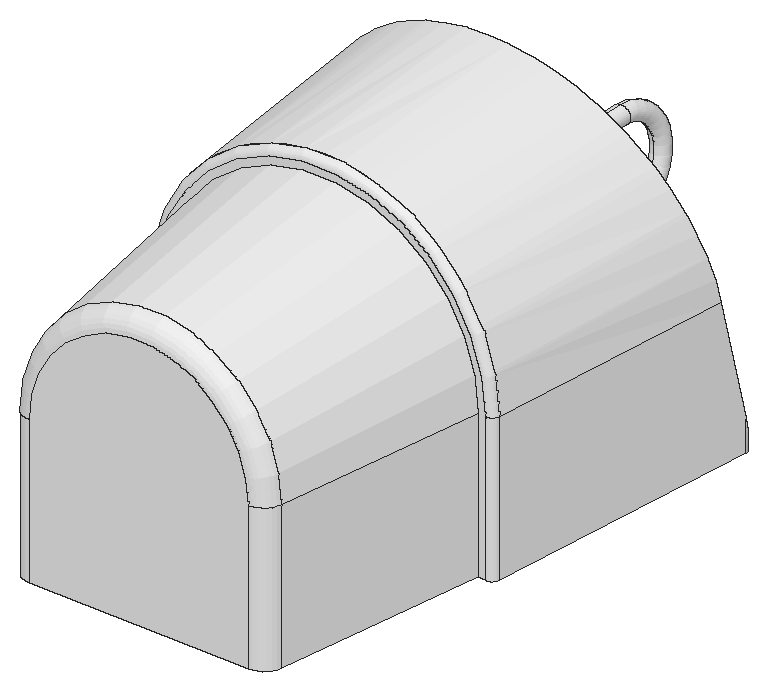
Revit family "Scrub_Sink-Infection_Control-American_Standard-ICS-IC-Everclean-9118_Series", category Plumbing Fixtures, host Face, Revit 2019
Family settings
  Host = Face
  Round Connector Dimension = Use Diameter
  Part Type = Normal
  OmniClass Number = 23.45.05.14.14.21
  OmniClass Title = Surgeons Scrub-Up Sinks
  Cut with Voids When Loaded = No
  Shared = Yes
  Room Calculation Point = No
Parameters (values of type "9118AC.020")
  Width = 17"
  Waste Connection Height = 18"
  Waste Connection Diameter = 1 1/4"
  Waste Connection = yes
  WFU = 4  # constant formula
  Vent Connection = no
  URL = "https://www.americanstandard.ca/"
  Selectronic ICU Faucet DC Powered = no
  Selectronic ICU Faucet AC Powered = yes
  Revised Date = "11/16/2022"  # constant formula
  Product Page URL = "https://www.americanstandard.ca/Commercial-Wall-Hung-Sinks/ICU-Sink-System-with-AC-Powered-Hands-Free-Faucet/WHITE-9118AC020"
  Product Documentation Link = "https://americanstandard.box.com/shared/static/skvpz4jq1s9sa1z6c3b8khfmfidtjq1h.pdf"
  P-Trap = yes
  Model = "9118AC.020"
  Material = "Vitreous China-American Standard-020-White"
  Manufacturer = "American Standard"
  Length = 20"
  Installation Type = "Wall Mounted"
  Hot Water Connection Width = 4"
  Hot Water Connection Diameter = 3/8"
  Height = 26 1/8"
  HWFU = 3  # constant formula
  HW Connection = no
  Flow Rate = "1.5 gpm/5.7 L/min"  # constant formula
  Finish = Vitreous China-American Standard-020-White
  Faucet Visibility = if(or(Selectronic ICU Faucet AC Powered, Selectronic ICU Faucet DC Powered), 1 > 0, 1 < 0)  # yes
  Drain = yes
  Description = "ICU Sink System with AC Powered Hands-Free Faucet"
  Default Elevation = 34"
  Creation Date = "01/20/2017"  # constant formula
  Compliance Certifications = "Meets or Exceeds ASME A112.19.2-2008 / CSA B45.1-08 for Vitreous China Fixtures\r\n• CSA Z8000"
  Cold Water Connection Width = 4"
  Cold Water Connection Height = 20"
  Cold Water Connection Diameter = 3/8"
  CWFU = 3  # constant formula
  CW Connection = no
  CR-P2 lithium battery = no
  Assembly Code = "D2010440"
  AC power supply (M950169-0070A) = yes
  7381267-400.0070A Mounting Kit = no
  7381266-200.0070A ICU Sink Bracket Assembly = no
Types (5): name | Selectronic ICU Faucet DC Powered | Selectronic ICU Faucet AC Powered | Product Page URL | P-Trap | Model | Faucet Visibility | Drain | Description | CR-P2 lithium battery | AC power supply (M950169-0070A)
  (no name) | no | yes | "https://www.americanstandard.ca/Commercial-Wall-Hung-Sinks/ICU-Sink-System-with-AC-Powered-Hands-Free-Faucet/WHITE-9118AC020" | yes | "9118AC.020" | yes | yes | "ICU Sink System with AC Powered Hands-Free Faucet" | no | yes
  9118111.020 | no | no | "https://www.americanstandard.ca/Commercial-Wall-Hung-Sinks/Infection-Control-Wall-Hung-EverClean-Sink-with-Shroud-A-M-Drain-and-A-M-P-Trap/WHITE-9118111020" | yes | "9118111.020" | no | yes | "Infection Control Wall-Hung EverClean Sink with Shroud, A-M Drain and A-M P-Trap" | no | no
  9118911.020 | no | no | "https://www.americanstandard.ca/Commercial-Service-Sink/ICU-Sink-and-Shroud-Less-Drain-and-P-Trap/WHITE-9118911020" | no | "9118911.020" | no | no | "ICU Sink and Shroud Less Drain and P-Trap" | no | no
  9118DC.020 | yes | no | "https://www.americanstandard.ca/Commercial-Wall-Hung-Sinks/ICU-Sink-System-with-DC-Powered-Hands-Free-Faucet/WHITE-9118DC020" | yes | "9118DC.020" | yes | yes | "ICU Sink System with DC Powered Hands-Free Faucet" | yes | no
  9118AC.020 | no | yes | "https://www.americanstandard.ca/Commercial-Wall-Hung-Sinks/ICU-Sink-System-with-AC-Powered-Hands-Free-Faucet/WHITE-9118AC020" | yes | "9118AC.020" | yes | yes | "ICU Sink System with AC Powered Hands-Free Faucet" | no | yes
Reference planes (in)
  plane 1 "Center (Front/Back)": y = 0
  plane 2: z = 0
  plane 3 "Center (Left/Right)": x = 0
  plane 4: y = -37.54191
  plane 5: y = 2.58309
  plane 6: y = -1.54191
  plane 7: x = -10
  plane 8: x = 10
  plane 9: z = 4.75
  plane 10: z = 7.82154
  plane 11: z = 5.375
  plane 12: z = 17
  plane 13: y = -12.16691
  plane 14: y = -23.54191
  plane 15: x = 4.75
  plane 16: y = -17.54191
  plane 17: y = -19.54191
  plane 18: x = -4
  plane 19: x = 4
  plane 20: y = -12.16691
Forms (in)
  Extrusion 1, void
    sketch origin (0, -11.84425, 0) x (0, 0, -1) y (0, 1, 0)
      loop
        line (-17.74283, 10.12209) -> (0, 14.42733) -> (-17.74283, 14.42733) -> (-17.74283, 10.12209)
    from -12.34163 to 12
  Sweep 2, solid, material "Vitreous China-American Standard-020-White"
    path origin (0, -11.84425, 0) x (1, 0, 0) y (0, 0, -1)
      loop
        line (-10, 0) -> (-10, -7.37605)
        arc (-10, -7.37605) -> (0, -17.37605) -> (10, -7.37605) r 10
        line (10, -7.37605) -> (10, 0)
    profile origin (-10, -11.84425, 3.68803) x (1, 0, 0) y (0, 1, 0)
      loop
        line (0.00545, 14.0424) -> (1.2299, 0.04687)
        arc (1.2299, 0.04687) -> (1.35968, -0.21631) -> (1.63318, -0.32267) r 0.40482
        line (1.63318, -0.32267) -> (2.02037, -0.32267) -> (3.49804, -10.83684)
        arc (3.49804, -10.83684) -> (3.83225, -11.45238) -> (4.48831, -11.69767) r 1
        line (4.48831, -11.69767) -> (6.625, -11.69767) -> (6.625, 5.5) -> (6.28323, 5.5)
        arc (6.28323, 5.5) -> (4.86985, 5.93787) -> (3.95158, 7.0981) r 2.5
        line (3.95158, 7.0981) -> (1.11659, 14.42733) -> (0.35817, 14.42733)
        arc (0.35817, 14.42733) -> (0.09712, 14.31247) -> (0.00545, 14.0424) r 0.35407
  Extrusion 3, void
    sketch origin (0, -11.84425, 0) x (1, 0, 0) y (0, 0, -1)
      loop
        circle (4.75, -5.375) r 1
    from 3.66203 to 12
  Extrusion 4, solid, not visible
    sketch origin (0, 0, 0) x (1, 0, 0) y (0, 1, 0)
      loop
        circle (0, -19.54191) r 0.625
      loop
        circle (-4, -17.54191) r 0.1875
      loop
        circle (4, -17.54191) r 0.1875
    from 0 to 0.01562
  Extrusion 5, solid, material "Vitreous China-American Standard-020-White"
    sketch origin (0, 0, 0) x (1, 0, 0) y (0, 0, 1)
      loop
        line (-3.375, 7.37605) -> (-3.375, 0) -> (3.375, 0) -> (3.375, 7.37605)
        arc (3.375, 7.37605) -> (0, 10.75105) -> (-3.375, 7.37605) r 3.375
    from 6.35784 to 23.54191
  Extrusion 6, solid, material "Vitreous China-American Standard-020-White"
    sketch origin (0, 2.50417, -0.25) x (0, 1, 0) y (0, 0, 1)
      loop
        line (0.07892, 0.25) -> (-11.46634, 16.14069) -> (-11.46634, 0.25) -> (0.07892, 0.25)
    from -8.88341 to 8.88341
  Extrusion 7, solid, material "Vitreous China-American Standard-020-White"
    sketch origin (0, 0.21825, 1.38308) x (1, 0, 0) y (0, 0, -1)
      loop
        line (-1.625, -2.03515) -> (-1.625, -3.36692)
        arc (-1.625, -3.36692) -> (0, -4.99192) -> (1.625, -3.36692) r 1.625
        line (1.625, -3.36692) -> (1.625, -2.03515) -> (-1.625, -2.03515)
      loop
        circle (0, -3.36692) r 0.5
    from 2.36483 to -6.96825
  Extrusion 8, void
    sketch origin (0, 0, -0.1875) x (1, 0, 0) y (0, 0, 1)
      loop
        arc (1.61571, 10.43903) -> (2.58572, 9.73932) -> (2.98298, 8.61119) r 2
        arc (2.98298, 8.61119) -> (2.98389, 7.04804) -> (2.87754, 5.48851) r 22.76503
        arc (2.87754, 5.48851) -> (4.74552, 3.62052) -> (6.61351, 5.48851) r 1.86799
        arc (6.61351, 5.48851) -> (6.59082, 6.3598) -> (6.52282, 7.22873) r 16.74057
        arc (6.52282, 7.22873) -> (2.80376, 11.78828) -> (-2.97938, 10.70378) r 5.76089
        arc (-2.97938, 10.70378) -> (-3.02652, 10.38393) -> (-2.71871, 10.28504) r 0.25
        arc (-2.71871, 10.28504) -> (-0.56538, 10.75278) -> (1.61571, 10.43903) r 6.2093
    from -9.05901 to 6.34425
  Extrusion 9, solid, material "Metal-American Standard-002-Polished Chrome", visible <- "Drain"
    sketch origin (0, 0, 0) x (1, 0, 0) y (0, 0, 1)
      loop
        circle (4.75, 5.375) r 1
      loop
        circle (4.75, 5.375) r 0.06669
      loop
        circle (4.75, 5.58578) r 0.06669
      loop
        circle (4.75, 5.79657) r 0.06669
      loop
        circle (4.75, 6.00735) r 0.06669
      loop
        circle (4.53306, 5.58578) r 0.06669
      loop
        circle (4.31611, 5.58578) r 0.06669
      loop
        circle (4.53306, 5.79138) r 0.06669
      loop
        circle (4.96694, 5.58578) r 0.06669
      loop
        circle (5.18389, 5.58578) r 0.06669
      loop
        circle (4.96694, 5.79138) r 0.06669
      loop
        circle (4.53306, 5.375) r 0.06669
      loop
        circle (4.31611, 5.375) r 0.06669
      loop
        circle (4.09917, 5.375) r 0.06669
      loop
        circle (4.96694, 5.375) r 0.06669
      loop
        circle (5.18389, 5.375) r 0.06669
      loop
        circle (5.40083, 5.375) r 0.06669
      loop
        circle (4.75, 5.16422) r 0.06669
      loop
        circle (4.75, 4.95343) r 0.06669
      loop
        circle (4.75, 4.74265) r 0.06669
      loop
        circle (4.53306, 5.16422) r 0.06669
      loop
        circle (4.31611, 5.16422) r 0.06669
      loop
        circle (4.53306, 4.95862) r 0.06669
      loop
        circle (4.96694, 5.16422) r 0.06669
      loop
        circle (5.18389, 5.16422) r 0.06669
      loop
        circle (4.96694, 4.95862) r 0.06669
    from 6.23351 to 6.54434
  Sweep 10, void
    path origin (0.125, 0, 0) x (1, 0, 0) y (0, 0, 1)
      loop
        line (9.96632, 0) -> (9.96632, 7.03846)
        arc (9.96632, 7.03846) -> (0, 17.00478) -> (-9.96632, 7.03846) r 9.96632
        line (-9.96632, 7.03846) -> (-9.96632, 0)
    profile origin (10.09132, 0, 3.51923) x (-1, 0, 0) y (0, -1, 0)
      loop
        line (0.08651, -2.58309) -> (1.09659, 8.96217) -> (-4.90868, 8.96217) -> (-4.90868, -2.58309) -> (0.08651, -2.58309)
Cuts and joins
  Extrusion 1, Extrusion 3, Extrusion 8 cuts Sweep 2
  Extrusion 3, Sweep 10 cuts Extrusion 5
  Extrusion 3, Extrusion 8, Sweep 10 cuts Extrusion 6
  joined: Sweep 2, Extrusion 5, Extrusion 6
Lines and regions (in)
  Masking region 1
    outline origin (0, 0, 0) x (1, 0, 0) y (0, 0, 1)
      loop
        line (-9.84341, 7.37605) -> (-10, 0) -> (10, 0) -> (9.84341, 7.37605)
        spline (9.84341, 7.37605) -> (9.47315, 9.85011) -> (8.48639, 12.15933) -> (6.93709, 14.15487) -> (4.9151, 15.69982) -> (2.54868, 16.67904) -> (0.00024, 17.01485) -> (-2.54827, 16.67926) -> (-4.91468, 15.70012) -> (-6.93693, 14.15531) -> (-8.48648, 12.15963) -> (-9.47301, 9.85058) -> (-9.84341, 7.37605)
  Masking region 2, visible <- "Faucet Visibility", detail levels medium+fine
    outline origin (0, 0, 0) x (1, 0, 0) y (0, 0, 1)
      loop
        line (0.43756, 4.75) -> (0.43756, 9.75507)
        arc (0.43756, 9.75507) -> (0, 10.19263) -> (-0.43756, 9.75507) r 0.43756
        line (-0.43756, 9.75507) -> (-0.43756, 4.75)
        arc (-0.43756, 4.75) -> (0, 4.31244) -> (0.43756, 4.75) r 0.43756
  symbolic lines, detail levels medium+fine
    curve 1: line (8.19111, 0, 7.37605) -> (-8.19111, 0, 7.37605)
    curve 2: line (-8.19111, 0, 7.37605) -> (-8.88341, 0, 0)
    curve 3: line (8.88341, 0, 0) -> (8.19111, 0, 7.37605)
    curve 4: line (8.88341, 0, 0) -> (6.81051, 0, 7.37605)
    curve 5: line (-5.40756, 0, 10.08782) -> (5.40756, 0, 10.08782)
    curve 6: spline (-5.40756, 0, 10.08782) -> (-5.56936, 0, 9.87922) -> (-5.7234, 0, 9.6668) -> (-5.86953, 0, 9.45076) -> (-6.00761, 0, 9.23128) -> (-6.13753, 0, 9.00857) -> (-6.25917, 0, 8.78281) -> (-6.37242, 0, 8.55422) -> (-6.47718, 0, 8.32299) -> (-6.57336, 0, 8.08933) -> (-6.66087, 0, 7.85346) -> (-6.73964, 0, 7.61557) -> (-6.80958, 0, 7.37589)
    curve 7: line (-6.81051, 0, 7.37605) -> (-8.88341, 0, 0)
    curve 8: spline (6.80958, 0, 7.37589) -> (6.73964, 0, 7.61557) -> (6.66087, 0, 7.85346) -> (6.57336, 0, 8.08933) -> (6.47718, 0, 8.32299) -> (6.37242, 0, 8.55422) -> (6.25917, 0, 8.78281) -> (6.13753, 0, 9.00857) -> (6.00761, 0, 9.23128) -> (5.86953, 0, 9.45076) -> (5.7234, 0, 9.6668) -> (5.56936, 0, 9.87922) -> (5.40756, 0, 10.08782)
    curve 9: arc (6.52282, 0, 7.04123) -> (2.80376, 0, 11.60078) -> (-2.97938, 0, 10.51628) r 5.76089
    curve 10: arc (-2.97938, 0, 10.51628) -> (-3.02652, 0, 10.19643) -> (-2.71871, 0, 10.09754) r 0.25
    curve 11: arc (-2.71871, 0, 10.09754) -> (-0.56538, 0, 10.56528) -> (1.61571, 0, 10.25153) r 6.2093
    curve 12: arc (1.61571, 0, 10.25153) -> (2.58572, 0, 9.55182) -> (2.98298, 0, 8.42369) r 2
    curve 13: arc (2.98298, 0, 8.42369) -> (2.98389, 0, 6.86054) -> (2.87754, 0, 5.30101) r 22.76503
    curve 14: arc (2.87754, 0, 5.30101) -> (4.74552, 0, 3.43302) -> (6.61351, 0, 5.30101) r 1.86799
    curve 15: arc (6.61351, 0, 5.30101) -> (6.59082, 0, 6.1723) -> (6.52282, 0, 7.04123) r 16.74057
    curve 16: arc (-1.625, 0, 4.75) -> (-1.29915, 0, 5.72613) -> (-0.4523, 0, 6.31079) r 1.625
    curve 17: line (1.625, 0, 3.41823) -> (1.625, 0, 4.75)
    curve 18: line (-1.625, 0, 3.41823) -> (1.625, 0, 3.41823)
    curve 19: line (-1.625, 0, 4.75) -> (-1.625, 0, 3.41823)
    curve 20: arc (0.44691, 0, 6.31234) -> (1.29747, 0, 5.72837) -> (1.625, 0, 4.75) r 1.625
  symbolic lines, visible <- "Drain", detail levels medium+fine
    curve 21: arc (3.75003, 0, 5.36748) -> (5.74999, 0, 5.37876) -> (3.75, 0, 5.375) r 1
  symbolic lines, visible <- "Drain", detail levels fine
    curve 22: circle (4.75, 0, 6.00735) r 0.06669 normal (0, 1, 0)
    curve 23: circle (4.53404, 0, 5.79139) r 0.06669 normal (0, 1, 0)
    curve 24: circle (4.96793, 0, 5.79139) r 0.06669 normal (0, 1, 0)
    curve 25: circle (4.75, 0, 5.79657) r 0.06669 normal (0, 1, 0)
    curve 26: circle (4.75, 0, 5.58578) r 0.06669 normal (0, 1, 0)
    curve 27: circle (4.96694, 0, 5.58578) r 0.06669 normal (0, 1, 0)
    curve 28: circle (5.18389, 0, 5.58578) r 0.06669 normal (0, 1, 0)
    curve 29: circle (4.53306, 0, 5.58578) r 0.06669 normal (0, 1, 0)
    curve 30: circle (4.31611, 0, 5.58578) r 0.06669 normal (0, 1, 0)
    curve 31: circle (4.75, 0, 5.375) r 0.06669 normal (0, 1, 0)
    curve 32: circle (4.96694, 0, 5.375) r 0.06669 normal (0, 1, 0)
    curve 33: circle (5.18389, 0, 5.375) r 0.06669 normal (0, 1, 0)
    curve 34: circle (4.53306, 0, 5.375) r 0.06669 normal (0, 1, 0)
    curve 35: circle (4.31611, 0, 5.375) r 0.06669 normal (0, 1, 0)
    curve 36: circle (5.40083, 0, 5.375) r 0.06669 normal (0, 1, 0)
    curve 37: circle (4.09917, 0, 5.375) r 0.06669 normal (0, 1, 0)
    curve 38: circle (4.75, 0, 4.74265) r 0.06669 normal (0, -1, 0)
    curve 39: circle (4.53404, 0, 4.95861) r 0.06669 normal (0, -1, 0)
    curve 40: circle (4.96793, 0, 4.95861) r 0.06669 normal (0, -1, 0)
    curve 41: circle (4.75, 0, 4.95343) r 0.06669 normal (0, -1, 0)
    curve 42: circle (4.75, 0, 5.16422) r 0.06669 normal (0, -1, 0)
    curve 43: circle (4.96694, 0, 5.16422) r 0.06669 normal (0, -1, 0)
    curve 44: circle (5.18389, 0, 5.16422) r 0.06669 normal (0, -1, 0)
    curve 45: circle (4.53306, 0, 5.16422) r 0.06669 normal (0, -1, 0)
    curve 46: circle (4.31611, 0, 5.16422) r 0.06669 normal (0, -1, 0)
  symbolic lines, detail levels fine
    curve 47: arc (0.44691, 0, 6.31234) -> (0, 0, 6.375) -> (-0.44691, 0, 6.31234) r 1.625
  symbolic lines, visible <- "Faucet Visibility", detail levels fine
    curve 48: arc (0.43756, 0, 5.06485) -> (0, 0, 4.21094) -> (-0.43756, 0, 5.06485) r 0.53906
    curve 49: arc (0.43756, 0, 5.12805) -> (0, 0, 4.17174) -> (-0.43756, 0, 5.12805) r 0.57826
Dimensions and locks (in)
  plane 4 to plane 5 = 40 1/8"
  plane 6 to plane 4 = 36"
  equal spacing: plane 7, plane 3 "Center (Left/Right)", plane 8
  "Length": plane 7 to plane 8
  host face to plane 9 = 4 3/4"
  plane 9 to plane 11 = 5/8"
  host face to plane 12 = 17"
  plane 13 to plane 5 = 14 3/4"
  plane 14 to plane 5 = 26 1/8"
  plane 15 to plane 3 "Center (Left/Right)" = 4 3/4"
  "Height": plane 14 to plane 5
  "Waste Connection Height": plane 17 to plane 4
  "Cold Water Connection Height": plane 16 to plane 4
  "Hot Water Connection Width": plane 18 to plane 3 "Center (Left/Right)"
  "Cold Water Connection Width": plane 3 "Center (Left/Right)" to plane 19
  plane 20 to plane 5 = 14 3/4"
  "Cold Water Connection Diameter": diameter of Extrusion 4 sketch curve
  "Waste Connection Diameter": diameter of Extrusion 4 sketch curve
  "Hot Water Connection Diameter": diameter of Extrusion 4 sketch curve
  aligned and locked: plane 2 to host face
  aligned and locked: level to host face
  aligned and locked: Sweep 2 sketch curve to plane 8
  aligned and locked: Sweep 2 sketch curve to plane 7
  aligned and locked: plane 11 to Extrusion 3 sketch curve
  aligned and locked: plane 15 to Extrusion 3 sketch curve
  aligned and locked: Extrusion 9 sketch curve to cut or joined group of Extrusion 1, Sweep 2, Extrusion 3, Extrusion 5, Extrusion 6, Extrusion 8, Sweep 10
  aligned and locked: Extrusion 4 sketch curve to plane 19
  aligned and locked: plane 16 to Extrusion 4 sketch curve  (x2)
  aligned and locked: plane 17 to Extrusion 4 sketch curve
  aligned and locked: plane 3 "Center (Left/Right)" to Extrusion 4 sketch curve
  aligned and locked: plane 18 to Extrusion 4 sketch curve
Automatic sketch dimensions
  host sketch curve to host sketch curve = 96"  (x2)
  Extrusion 1 sketch curve to plane 5 = 0"
  Extrusion 1 sketch curve to level = 0"
  Extrusion 1 sketch curve to plane 6 = 0.18025"
  plane 12 to Extrusion 1 sketch curve = 0.74283"
  Sweep 2 sketch curve to level = 0"  (x2)
  Sweep 2 sketch curve to plane 10 = 0.44549"
  Extrusion 7 sketch curve to Extrusion 7 sketch curve = 0"  (x2)
  Extrusion 7 sketch curve to plane 9 = 0"
  Extrusion 7 sketch curve to plane 3 "Center (Left/Right)" = 0"
  Extrusion 7 sketch curve to plane 3 "Center (Left/Right)" = 1 5/8"
  Extrusion 7 sketch curve to Extrusion 7 sketch curve = 1.33177"
  Extrusion 5 sketch curve to level = 0"
  Extrusion 5 sketch curve to plane 3 "Center (Left/Right)" = 0"
  Extrusion 5 sketch curve to plane 10 = 0.44549"
  Extrusion 5 sketch curve to Extrusion 5 sketch curve = 3 3/8"
  Extrusion 6 sketch curve to level = 0"
  Extrusion 6 sketch curve to plane 5 = 0"
  Extrusion 6 sketch curve to plane 12 = 1.10931"
  plane 13 to Extrusion 6 sketch curve = 3.20474"
  Extrusion 8 sketch curve to plane 10 = 0.19275"
  Extrusion 8 sketch curve to plane 7 = 9.76817"
  Extrusion 8 sketch curve to plane 7 = 0.12706"
  Extrusion 8 sketch curve to plane 3 "Center (Left/Right)" = 2.81428"
  Extrusion 8 sketch curve to plane 3 "Center (Left/Right)" = 0.34491"
  plane 3 "Center (Left/Right)" to Extrusion 8 sketch curve = 0.82511"
  plane 10 to Extrusion 8 sketch curve = 0.53231"
  plane 3 "Center (Left/Right)" to Extrusion 8 sketch curve = 0.9842"
  plane 15 to Extrusion 8 sketch curve = 0.00448"
  plane 11 to Extrusion 8 sketch curve = 0.81534"
  Extrusion 8 sketch curve to plane 11 = 0.07399"
  Extrusion 8 sketch curve to plane 9 = 0.3901"
  plane 10 to Extrusion 8 sketch curve = 2.50701"
  Extrusion 8 sketch curve to Extrusion 8 sketch curve = 0.1651"
  Extrusion 8 sketch curve to Extrusion 8 sketch curve = 0"  (x3)
  Extrusion 8 sketch curve to Extrusion 8 sketch curve = 1.86799"
  Extrusion 8 sketch curve to plane 10 = 0.78031"
  Extrusion 9 sketch curve to Extrusion 9 sketch curve = 0"  (x12)
  Extrusion 9 sketch curve to plane 11 = 0"  (x6)
  plane 15 to Extrusion 9 sketch curve = 0"  (x6)
  plane 15 to Extrusion 9 sketch curve = 0.21694"  (x2)
  Extrusion 9 sketch curve to Extrusion 9 sketch curve = 0.21694"  (x4)
  Extrusion 9 sketch curve to plane 15 = 0.21694"  (x2)
  Extrusion 9 sketch curve to plane 11 = 0.21078"  (x5)
  Extrusion 9 sketch curve to Extrusion 9 sketch curve = 0.2056"  (x4)
  plane 9 to Extrusion 9 sketch curve = 0.20343"
  Extrusion 9 sketch curve to plane 9 = 0.00735"
  Extrusion 9 sketch curve to Extrusion 9 sketch curve = 0.21078"  (x7)
  Sweep 10 sketch curve to level = 0"  (x2)
  plane 3 "Center (Left/Right)" to Sweep 10 sketch curve = 1/8"
  plane 7 to Sweep 10 sketch curve = 0.15868"
  Sweep 10 sketch curve to plane 10 = 0.78308"
  Sweep 10 sketch curve to profile plane = 1.09659"
  plane 1 "Center (Front/Back)" to Sweep 10 sketch curve = 8.96217"
  Sweep 10 sketch curve to profile plane = 0.08651"
  Sweep 10 sketch curve to plane 1 "Center (Front/Back)" = 2.58309"
  profile plane to Sweep 10 sketch curve = 4.90868"
  plane 8 to Masking region 1 sketch curve = 0.15659"
  Masking region 1 sketch curve to plane 10 = 0.44549"
  plane 7 to Masking region 1 sketch curve = 0.15659"
  Masking region 1 sketch curve to plane 8 = 0"
  plane 7 to Masking region 1 sketch curve = 0"
  level to Masking region 1 sketch curve = 0"
  curve 16 to curve 20 = 0"  (x3)
  curve 20 to curve 49 = 0"
  curve 21 to curve 31 = 0"  (x2)
  curve 47 to curve 48 = 0"  (x2)
  curve 48 to curve 49 = 0"
  curve 2 to level = 0"
  curve 16 to plane 9 = 0"
  curve 47 to plane 3 "Center (Left/Right)" = 0"
  curve 21 to plane 11 = 0"
  curve 37 to plane 11 = 0"
  curve 35 to plane 11 = 0"
  curve 34 to plane 11 = 0"
  plane 15 to curve 22 = 0"
  plane 15 to curve 38 = 0"
  plane 15 to curve 21 = 0"
  plane 15 to curve 26 = 0"
  plane 15 to curve 25 = 0"
  plane 15 to curve 41 = 0"
  plane 15 to curve 42 = 0"
  curve 32 to plane 11 = 0"
  curve 33 to plane 11 = 0"
  curve 36 to plane 11 = 0"
  curve 3 to level = 0"
  curve 11 to plane 3 "Center (Left/Right)" = 0.34491"
  curve 5 to curve 10 = 2.59327"
  curve 1 to plane 10 = 0.44549"
  plane 7 to curve 1 = 1.80889"
  plane 7 to curve 7 = 1.11659"
  curve 15 to plane 7 = 0.12706"
  curve 13 to plane 10 = 0.19275"
  curve 13 to plane 7 = 9.76817"
  plane 3 "Center (Left/Right)" to curve 9 = 0.82511"
  plane 10 to curve 12 = 0.53231"
  plane 3 "Center (Left/Right)" to curve 12 = 0.9842"
  plane 3 "Center (Left/Right)" to curve 18 = 1 5/8"
  plane 15 to curve 37 = 0.65083"
  curve 37 to curve 30 = 0.21694"
  curve 37 to curve 46 = 0.21694"
  curve 30 to curve 35 = 0"
  plane 15 to curve 34 = 0.21694"
  curve 34 to curve 45 = 0"
  curve 29 to curve 34 = 0"
  curve 29 to curve 23 = 0.00098"
  curve 45 to curve 39 = 0.00098"
  plane 15 to curve 14 = 0.00448"
  curve 27 to plane 15 = 0.21694"
  curve 43 to plane 15 = 0.21694"
  curve 27 to curve 32 = 0"
  curve 43 to curve 40 = 0.00098"
  curve 27 to curve 24 = 0.00098"
  curve 43 to curve 44 = 0.21694"
  curve 27 to curve 28 = 0.21694"
  curve 28 to curve 33 = 0"
  curve 33 to curve 36 = 0.21694"
  curve 5 to plane 15 = 0.65756"
  plane 8 to curve 3 = 1.80889"
  plane 8 to curve 3 = 1.11659"
  curve 17 to curve 17 = 1.33177"
  curve 11 to plane 9 = 0.3901"
  curve 38 to plane 9 = 0.00735"
  plane 9 to curve 41 = 0.20343"
  plane 9 to curve 40 = 0.20861"
  plane 9 to curve 39 = 0.20861"
  curve 44 to plane 11 = 0.21078"
  curve 46 to plane 11 = 0.21078"
  curve 41 to curve 42 = 0.21078"
  curve 40 to curve 43 = 0.20561"
  curve 39 to curve 45 = 0.20561"
  curve 15 to plane 11 = 0.07399"
  curve 21 to curve 26 = 0.21078"
  curve 32 to curve 27 = 0.21078"
  curve 34 to curve 29 = 0.21078"
  curve 33 to curve 28 = 0.21078"
  curve 35 to curve 30 = 0.21078"
  curve 27 to curve 24 = 0.20561"
  curve 29 to curve 23 = 0.20561"
  curve 26 to curve 25 = 0.21078"
  curve 25 to curve 22 = 0.21078"
  plane 11 to curve 9 = 0.81534"
  plane 10 to curve 5 = 2.26628"
  curve 47 to plane 3 "Center (Left/Right)" = 0.44691"
  curve 16 to curve 47 = 0.00539"
  curve 10 to curve 10 = 0.09557"
  curve 11 to curve 10 = 0"
  curve 9 to curve 10 = 0"
  plane 11 to curve 8 = 0.22649"
  curve 8 to curve 16 = 1.5177"
  curve 6 to plane 10 = 0.44565"
  curve 1 to curve 6 = 1.38153"
  curve 7 to curve 6 = 0.00093"
  plane 11 to curve 6 = 0.22649"
  curve 6 to curve 6 = 0.23881"
  curve 47 to curve 9 = 0.3782"
  curve 12 to curve 11 = 0"
  curve 14 to curve 6 = 0.26517"
  curve 21 to curve 37 = 0.34917"
  curve 21 to plane 11 = 0.00752"
  curve 15 to plane 10 = 0.78031"
  curve 15 to curve 8 = 0.28676"
  curve 8 to curve 4 = 0.00093"
  curve 14 to curve 8 = 0.43488"
  curve 48 to plane 11 = 0.31015"  (x2)
  curve 48 to curve 49 = 0.0632"
  Masking region 2 sketch curve to plane 9 = 0"
  Masking region 2 sketch curve to plane 3 "Center (Left/Right)" = 0"
  Masking region 2 sketch curve to Masking region 2 sketch curve = 0.43756"
  plane 10 to Masking region 2 sketch curve = 1.93353"
  curve 6 to curve 5 = 1.40203"
  curve 18 to curve 11 = 1.28009"
  curve 5 to curve 10 = 0.24073"
  curve 49 to curve 48 = 0"  (x2)
  curve 16 to curve 47 = 0"  (x2)
  curve 48 to plane 3 "Center (Left/Right)" = 0.43756"
  Sweep 2 sketch curve to profile plane = 0.00545"
  Sweep 2 sketch curve to profile plane = 0.35817"
  Sweep 2 sketch curve to Sweep 2 sketch curve = 0.75842"
  profile plane to Sweep 2 sketch curve = 3/64"
  Sweep 2 sketch curve to profile plane = 1.2299"
  Sweep 2 sketch curve to profile plane = 0.32267"
  Sweep 2 sketch curve to Sweep 2 sketch curve = 0.40328"
  Sweep 2 sketch curve to Sweep 2 sketch curve = 0.38719"
  Sweep 2 sketch curve to profile plane = 3.49804"
  Sweep 2 sketch curve to profile plane = 3.95158"
  Sweep 2 sketch curve to Sweep 2 sketch curve = 0.99027"
  Sweep 2 sketch curve to Sweep 2 sketch curve = 2.33165"
  Sweep 2 sketch curve to Sweep 2 sketch curve = 2.13669"
  Sweep 2 sketch curve to Sweep 2 sketch curve = 10 3/8"
  Sweep 2 sketch curve to Sweep 2 sketch curve = 0.13917"
  profile plane to Sweep 2 sketch curve = 5 1/2"
  Sweep 2 sketch curve to Sweep 2 sketch curve = 1.5981"
  Sweep 2 sketch curve to Sweep 2 sketch curve = 6.9443"
  Sweep 2 sketch curve to Sweep 2 sketch curve = 0.03086"
  radius of Extrusion 3 sketch curve = 1"
  radius of Extrusion 7 sketch curve = 1/2"
  radius of Extrusion 9 sketch curve = 0.06669"  (x25)
  radius of curve 22 = 0.06669"
  radius of curve 23 = 0.06669"
  radius of curve 24 = 0.06669"
  radius of curve 25 = 0.06669"
  radius of curve 26 = 0.06669"
  radius of curve 27 = 0.06669"
  radius of curve 28 = 0.06669"
  radius of curve 29 = 0.06669"
  radius of curve 30 = 0.06669"
  radius of curve 31 = 0.06669"
  radius of curve 32 = 0.06669"
  radius of curve 33 = 0.06669"
  radius of curve 34 = 0.06669"
  radius of curve 35 = 0.06669"
  radius of curve 36 = 0.06669"
  radius of curve 37 = 0.06669"
  radius of curve 38 = 0.06669"
  radius of curve 39 = 0.06669"
  radius of curve 40 = 0.06669"
  radius of curve 41 = 0.06669"
  radius of curve 42 = 0.06669"
  radius of curve 43 = 0.06669"
  radius of curve 44 = 0.06669"
  radius of curve 45 = 0.06669"
  radius of curve 46 = 0.06669"
Nested families (in)
  nested 1: "Faucet_Single-American_Standard--605X_Series" at (0, 0.21825, 4.75) x (1, 0, 0) z (0, 1, 0), visible <- "Faucet Visibility", type "6053.193"
Connectors (in)
  piping at (-4, -17.54191, 0), diameter 0.375, driven by "HWFU"
    settings: on Extrusion 4, index 1, connector inside diameter 3/8", connector length 0", flow factor 0, pipe flow 0 GPM, pressure drop 0.00 psi, fitting loss kfactor 0, connector angle 0.00°, fixture units 3, engagement length 0", angle of deflection 0.00°, flow configuration 3, flow direction 1, fitting loss method 0, system type 19, joint type 0, gender type 0, connector reference index -1, connector utility 0, adjustable connector no, is connector primary yes, connector description "3/8\" HW Inlet Supply"
  piping at (0, -19.54191, 0), diameter 1.25, driven by "WFU"
    settings: on Extrusion 4, index 2, connector inside diameter 1 1/4", connector length 0", flow factor 0, pipe flow 0 GPM, pressure drop 0.00 psi, fitting loss kfactor 0, connector angle 0.00°, fixture units 4, engagement length 0", angle of deflection 0.00°, flow configuration 3, flow direction 2, fitting loss method 0, system type 16, joint type 0, gender type 0, connector reference index -1, connector utility 0, adjustable connector yes, is connector primary no, connector description "1 1/4\" Waste Outlet"
  piping at (4, -17.54191, 0), diameter 0.375, driven by "CWFU"
    settings: on Extrusion 4, index 3, connector inside diameter 3/8", connector length 0", flow factor 0, pipe flow 0 GPM, pressure drop 0.00 psi, fitting loss kfactor 0, connector angle 0.00°, fixture units 3, engagement length 0", angle of deflection 0.00°, flow configuration 3, flow direction 1, fitting loss method 0, system type 20, joint type 0, gender type 0, connector reference index -1, connector utility 0, adjustable connector no, is connector primary no, connector description "3/8\" CW Inlet Supply"
Definition of nested family "Faucet_Single-American_Standard--605X_Series"
  Parameters
    Width = 2 1/8"
    Waste Connection = no
    WFU = 0
    Vent Connection = no
    URL = "http://www.americanstandard-us.com"
    Revised Date = "19/04/2012"
    Product URL = "http://www.americanstandard-us.com/commercial-faucets/Selectronic-IC-Proximity-Faucet-1-5-gpm-Laminar-Flow-in-Base-5603/"
    Product Documentation Link = "http://www.americanstandard-us.com/assets/documents/amstd/spec/SpecSheet_5603.pdf"
    Optional Mixing Valve - 605XTMV1070 = no
    Optional 8" Deck plate = no
    Optional 4" Deck Plate = no
    Model = "6053.193"
    Material = "Metal-American Standard-002-Polished Chrome"
    Manufacturer = "American Standard"
    Length = 5"
    Height = 9 9/16"
    HWFU = 1.5
    HW Connection = yes
    Description = "PWRX™ LONG-LIFE BATTERY POWERED 6053.193 1.5 GPM pressure compensating laminar flow device in the spout base. Plain spout end."
    Default Elevation = 0"
    CWFU = 1.5
    CW Connection = yes
    Assembly Code = "D2020300"
    ADA Compliant = yes
  Reference planes (in)
    plane 1 "Center (Front/Back)": y = 0
    plane 2: z = 0
    plane 3 "Center (Left/Right)": x = 0
    plane 4: y = -5
    plane 5: z = 5.25
    plane 6: y = 1.0625
    plane 7: z = 9.5625
    plane 8: y = -1.0625
  Forms (in)
    Revolve 1, solid
      sketch origin (0, 0, 0) x (0, -1, 0) y (0, 0, 1)
        loop
          line (0, 5.11993) -> (0, 0) -> (1, 0) -> (0.57826, 4.72051) -> (0.46615, 4.72051) -> (0.46615, 4.77218) -> (0.53906, 4.77218) -> (0.53906, 5.11993) -> (0, 5.11993)
        axis (0, 5.11993) -> (0, 0)
      angle from 0 to 360
    Sweep 2, solid
      path origin (0, 0, 0) x (0, -1, 0) y (0, 0, 1)
        loop
          line (0, 5.11993) -> (0, 6.625)
          arc (0, 6.625) -> (2.5, 9.125) -> (5, 6.625) r 2.5
          line (5, 6.625) -> (5, 5.25)
      profile origin (0, 0, 5.87246) x (0, 1, 0) y (-1, 0, 0)
        loop
          circle (0, 0) r 0.43756
    Extrusion 3, solid
      sketch origin (0, -0.94783, -0.00255) x (1, 0, 0) y (0, 0.087156, 0.996195)
        loop
          circle (0, 0.90388) r 0.25
      from -0.07031 to 0.05786
  Cuts and joins
    joined: Revolve 1, Sweep 2
  Lines and regions (in)
    Masking region 1, detail levels medium+fine
      outline origin (0, 0, 0) x (1, 0, 0) y (0, 1, 0)
        loop
          line (-0.43756, -0.89919) -> (-0.43756, -5)
          arc (-0.43756, -5) -> (0, -5.43756) -> (0.43756, -5) r 0.43756
          line (0.43756, -5) -> (0.43756, -0.89919)
          arc (0.43756, -0.89919) -> (0, 1) -> (-0.43756, -0.89919) r 1
    symbolic lines, detail levels medium+fine
      curve 1: line (0.43756, 0, 0) -> (0.43756, -0.89919, 0)
      curve 2: line (-0.43756, 0, 0) -> (-0.43756, -0.89919, 0)
      curve 3: arc (-0.43756, 0, 0) -> (0, 0.43756, 0) -> (0.43756, 0, 0) r 0.43756
    symbolic lines, detail levels fine
      curve 4: arc (0.43756, -0.37805, 0) -> (0, 0.57826, 0) -> (-0.43756, -0.37805, 0) r 0.57826
      curve 5: arc (0.43756, -0.31485, 0) -> (0, 0.53906, 0) -> (-0.43756, -0.31485, 0) r 0.53906
  Dimensions and locks (in)
    plane 6 to plane 8 = 2 1/8"
    plane 5 to plane 2 = 5 1/4"
    plane 7 to plane 2 = 9 9/16"
    plane 1 "Center (Front/Back)" to plane 4 = 5"
  Connectors (in)
    piping at (0, 0, 0), diameter 0.375
      settings: on cut or joined group of Revolve 1, Sweep 2, index 1, connector inside diameter 24", connector length 0", flow factor 0, pipe flow 0 GPM, pressure drop 0.00 psi, fitting loss kfactor 0, connector angle 0.00°, fixture units 0, engagement length 0", angle of deflection 0.00°, flow configuration 0, flow direction 1, fitting loss method 0, system type 29, joint type 0, gender type 0, connector reference index -1, connector utility 0, adjustable connector no, is connector primary yes, connector description "3/8\" Water supply"
